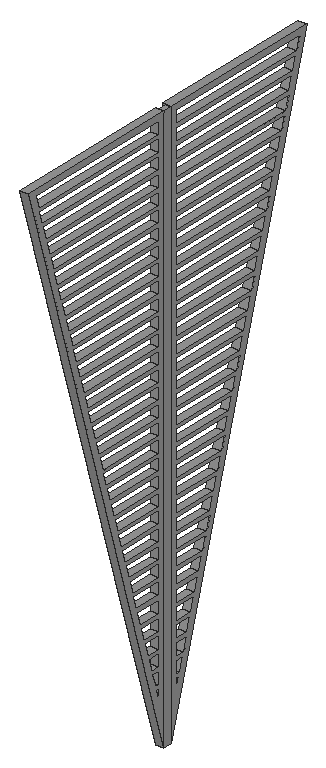
Revit family "MBS_shading panel1__down_0", category Generic Models, Revit 2014
Reference planes
  plane 1 "Center (Front/Back)": y = 0
  plane 2: z = 0
  plane 3 "Center (Left/Right)": x = 0
Dimensions and locks
  aligned and locked: level to plane 2
Nested families
  nested 1: "MBS_rounding mullion shading system1" at (100, -200, 0), type "MBS_rounding mullion shading system1"
    with rounding mullion height 2700 mm
  nested 2: "MBS_shading panel1" at (-240, -240, 0) x (-1, 0, 0) z (0, -1, 0), type "MBS_shading panel1"
    with shad panel thickness 40 mm, shad panel 1 void height 2700 mm
  nested 3: "MBS_shading panel1" at (560, -200, 0) x (1, 0, 0) z (0, 1, 0), type "MBS_shading panel1"
    with shad panel thickness 40 mm, shad panel 1 void height 2700 mm
Definition of nested family "MBS_rounding mullion shading system1"
  Parameters (values of type "MBS_rounding mullion shading system1")
    rounding mullion mater = Steel, Galvanized rounding mull
    rounding mullion height [instance] = 2700 mm
    Default Elevation = 1219.2 mm
  Reference planes
    plane 1 "Center (Front/Back)": y = 0
    plane 2: z = 0
    plane 3 "Center (Left/Right)": x = 0
  Forms (mm)
    Extrusion 1, solid
      sketch origin (0, 0, 0) x (1, 0, 0) y (0, 1, 0)
        loop
          line (-1219.2, 1219.2) -> (-1219.2, -1219.2) -> (1219.2, -1219.2) -> (1219.2, 1219.2) -> (-1219.2, 1219.2)
      from 0 to -304.8
    Extrusion 2, solid, material "Steel, Galvanized rounding mull" <- "rounding mullion mater"
      sketch origin (0, 0, 0) x (1, 0, 0) y (0, 1, 0)
        loop
          line (55, 0) -> (55, -40) -> (80, -40) -> (80, 0) -> (55, 0)
      from 0 to 2700 <- "rounding mullion height"
  Dimensions and locks
    aligned and locked: plane 2 to Extrusion 1
    aligned and locked: level to Extrusion 1
Definition of nested family "MBS_shading panel1"
  Parameters (values of type "MBS_shading panel1")
    shading panel mater = Oak, White shading panel
    shad panel thickness [instance] = 40 mm
    shad panel 1 void height [instance] = 2700 mm
    panel hole = 60 mm
    Default Elevation = 1219.2 mm
  Reference planes
    plane 1 "Center (Front/Back)": y = 0
    plane 2: z = 0
    plane 3 "Center (Left/Right)": x = 0
    plane 4: y = -281.851
    plane 5: y = -341.851
    plane 6: y = -356.851
    plane 7: y = -416.851
    plane 8: through (799.2, -206.851, 30) normal (0, -0.2841, -0.9588)
    plane 9: y = -431.851
    plane 10: y = -491.851
    plane 11: y = -506.851
    plane 12: y = -566.851
    plane 13: y = -581.851
    plane 14: y = -641.851
    plane 15: y = -661.851
    plane 16: y = -721.851
    plane 17: y = -736.851
    plane 18: y = -796.851
    plane 19: y = -811.851
    plane 20: y = -871.851
    plane 21: y = -886.851
    plane 22: y = -946.851
    plane 23: y = -961.851
    plane 24: y = -1021.851
    plane 25: y = -1036.851
    plane 26: y = -1096.851
    plane 27: y = -1111.851
    plane 28: y = -1171.851
    plane 29: y = -1186.851
    plane 30: y = -1246.851
    plane 31: y = -1261.851
    plane 32: y = -1321.851
    plane 33: y = -1336.851
    plane 34: y = -1396.851
    plane 35: y = -1411.851
    plane 36: y = -1471.851
    plane 37: y = -1486.851
    plane 38: y = -1546.851
    plane 39: y = -1561.851
    plane 40: y = -1621.851
    plane 41: y = -1636.851
    plane 42: y = -1696.851
    plane 43: y = -1711.851
    plane 44: y = -1771.851
    plane 45: y = -1786.851
    plane 46: y = -1846.851
    plane 47: y = -1861.851
    plane 48: y = -1921.851
    plane 49: y = -1936.851
    plane 50: y = -1996.851
    plane 51: y = -2011.851
    plane 52: y = -2071.851
    plane 53: y = -2086.851
    plane 54: y = -2146.851
    plane 55: y = -2161.851
    plane 56: y = -2221.851
    plane 57: y = -2236.851
    plane 58: y = -2296.851
    plane 59: y = -2311.851
    plane 60: y = -2371.851
    plane 61: y = -2386.851
    plane 62: y = -2446.851
    plane 63: y = -2521.851
    plane 64: y = -2461.851
    plane 65: y = -2536.851
    plane 66: y = -2596.851
    plane 67: y = -2611.851
    plane 68: y = -2671.851
  Forms (mm)
    Extrusion 1, solid
      sketch origin (0, 0, 0) x (1, 0, 0) y (0, 1, 0)
        loop
          line (-1219.2, 1219.2) -> (-1219.2, -1219.2) -> (1219.2, -1219.2) -> (1219.2, 1219.2) -> (-1219.2, 1219.2)
      from 0 to -304.8
    Extrusion 2, solid, material "Oak, White shading panel" <- "shading panel mater"
      sketch origin (-420, -1442.49, -227.833) x (0, 0, -1) y (0, 1, 0)
        loop
          line (-227.833, 1442.49) -> (-1027.833, -1257.51) -> (-227.833, -1257.51) -> (-227.833, 1442.49)
        loop
          line (-257.833, 1235.639) -> (-275.611, 1175.639) -> (-257.833, 1175.639) -> (-257.833, 1235.639)
        loop
          line (-257.833, 1160.639) -> (-280.056, 1160.639) -> (-297.833, 1100.639) -> (-257.833, 1100.639) -> (-257.833, 1160.639)
        loop
          line (-257.833, 1085.639) -> (-302.278, 1085.639) -> (-320.056, 1025.639) -> (-257.833, 1025.639) -> (-257.833, 1085.639)
        loop
          line (-257.833, 1010.639) -> (-324.5, 1010.639) -> (-342.278, 950.639) -> (-257.833, 950.639) -> (-257.833, 1010.639)
        loop
          line (-257.833, 860.639) -> (-368.944, 860.639) -> (-386.722, 800.639) -> (-257.833, 800.639) -> (-257.833, 860.639)
        loop
          line (-257.833, 935.639) -> (-346.722, 935.639) -> (-364.5, 875.639) -> (-257.833, 875.639) -> (-257.833, 935.639)
        loop
          line (-257.833, 780.639) -> (-392.648, 780.639) -> (-410.426, 720.639) -> (-257.833, 720.639) -> (-257.833, 780.639)
        loop
          line (-257.833, 705.639) -> (-414.87, 705.639) -> (-432.648, 645.639) -> (-257.833, 645.639) -> (-257.833, 705.639)
        loop
          line (-257.833, 630.639) -> (-437.093, 630.639) -> (-454.87, 570.639) -> (-257.833, 570.639) -> (-257.833, 630.639)
        loop
          line (-257.833, 555.639) -> (-459.315, 555.639) -> (-477.093, 495.639) -> (-257.833, 495.639) -> (-257.833, 555.639)
        loop
          line (-257.833, 480.639) -> (-481.537, 480.639) -> (-499.315, 420.639) -> (-257.833, 420.639) -> (-257.833, 480.639)
        loop
          line (-257.833, 405.639) -> (-503.759, 405.639) -> (-521.537, 345.639) -> (-257.833, 345.639) -> (-257.833, 405.639)
        loop
          line (-257.833, 330.639) -> (-525.982, 330.639) -> (-543.759, 270.639) -> (-257.833, 270.639) -> (-257.833, 330.639)
        loop
          line (-257.833, 255.639) -> (-548.204, 255.639) -> (-565.982, 195.639) -> (-257.833, 195.639) -> (-257.833, 255.639)
        loop
          line (-257.833, 180.639) -> (-570.426, 180.639) -> (-588.204, 120.639) -> (-257.833, 120.639) -> (-257.833, 180.639)
        loop
          line (-257.833, 105.639) -> (-592.648, 105.639) -> (-610.426, 45.639) -> (-257.833, 45.639) -> (-257.833, 105.639)
        loop
          line (-257.833, 30.639) -> (-614.87, 30.639) -> (-632.648, -29.361) -> (-257.833, -29.361) -> (-257.833, 30.639)
        loop
          line (-257.833, -44.361) -> (-637.093, -44.361) -> (-654.87, -104.361) -> (-257.833, -104.361) -> (-257.833, -44.361)
        loop
          line (-257.833, -119.361) -> (-659.315, -119.361) -> (-677.093, -179.361) -> (-257.833, -179.361) -> (-257.833, -119.361)
        loop
          line (-257.833, -194.361) -> (-681.537, -194.361) -> (-699.315, -254.361) -> (-257.833, -254.361) -> (-257.833, -194.361)
        loop
          line (-257.833, -269.361) -> (-703.759, -269.361) -> (-721.537, -329.361) -> (-257.833, -329.361) -> (-257.833, -269.361)
        loop
          line (-257.833, -344.361) -> (-725.982, -344.361) -> (-743.759, -404.361) -> (-257.833, -404.361) -> (-257.833, -344.361)
        loop
          line (-257.833, -419.361) -> (-748.204, -419.361) -> (-765.982, -479.361) -> (-257.833, -479.361) -> (-257.833, -419.361)
        loop
          line (-257.833, -494.361) -> (-770.426, -494.361) -> (-788.204, -554.361) -> (-257.833, -554.361) -> (-257.833, -494.361)
        loop
          line (-257.833, -569.361) -> (-792.648, -569.361) -> (-810.426, -629.361) -> (-257.833, -629.361) -> (-257.833, -569.361)
        loop
          line (-257.833, -644.361) -> (-814.87, -644.361) -> (-832.648, -704.361) -> (-257.833, -704.361) -> (-257.833, -644.361)
        loop
          line (-257.833, -719.361) -> (-837.093, -719.361) -> (-854.87, -779.361) -> (-257.833, -779.361) -> (-257.833, -719.361)
        loop
          line (-257.833, -794.361) -> (-859.315, -794.361) -> (-877.093, -854.361) -> (-257.833, -854.361) -> (-257.833, -794.361)
        loop
          line (-257.833, -869.361) -> (-881.537, -869.361) -> (-899.315, -929.361) -> (-257.833, -929.361) -> (-257.833, -869.361)
        loop
          line (-257.833, -944.361) -> (-903.759, -944.361) -> (-921.537, -1004.361) -> (-257.833, -1004.361) -> (-257.833, -944.361)
        loop
          line (-257.833, -1019.361) -> (-925.982, -1019.361) -> (-943.759, -1079.361) -> (-257.833, -1079.361) -> (-257.833, -1019.361)
        loop
          line (-257.833, -1094.361) -> (-948.204, -1094.361) -> (-965.982, -1154.361) -> (-257.833, -1154.361) -> (-257.833, -1094.361)
        loop
          line (-257.833, -1169.361) -> (-970.426, -1169.361) -> (-988.204, -1229.361) -> (-257.833, -1229.361) -> (-257.833, -1169.361)
      from 0 to 40 <- "shad panel thickness"
  Dimensions and locks
    "panel hole": plane 4 to plane 5
    "panel hole": plane 6 to plane 7
    "panel hole": plane 9 to plane 10
    "panel hole": plane 11 to plane 12
    "panel hole": plane 13 to plane 14
    "panel hole": plane 15 to plane 16
    "panel hole": plane 17 to plane 18
    "panel hole": plane 19 to plane 20
    "panel hole": plane 21 to plane 22
    "panel hole": plane 23 to plane 24
    "panel hole": plane 25 to plane 26
    "panel hole": plane 27 to plane 28
    "panel hole": plane 29 to plane 30
    "panel hole": plane 31 to plane 32
    "panel hole": plane 33 to plane 34
    "panel hole": plane 35 to plane 36
    "panel hole": plane 37 to plane 38
    "panel hole": plane 39 to plane 40
    "panel hole": plane 41 to plane 42
    "panel hole": plane 43 to plane 44
    "panel hole": plane 45 to plane 46
    "panel hole": plane 47 to plane 48
    "panel hole": plane 49 to plane 50
    "panel hole": plane 51 to plane 52
    "panel hole": plane 53 to plane 54
    "panel hole": plane 55 to plane 56
    "panel hole": plane 57 to plane 58
    "panel hole": plane 59 to plane 60
    "panel hole": plane 61 to plane 62
    "panel hole": plane 64 to plane 63
    "panel hole": plane 65 to plane 66
    "panel hole": plane 67 to plane 68
    aligned and locked: plane 2 to Extrusion 1
    aligned and locked: level to Extrusion 1
    aligned and locked: plane 4 to Extrusion 2 sketch curve
    aligned and locked: plane 5 to Extrusion 2 sketch curve
    aligned and locked: plane 6 to Extrusion 2 sketch curve
    aligned and locked: plane 7 to Extrusion 2 sketch curve
    aligned and locked: plane 8 to Extrusion 2 sketch curve  (x33)
    aligned and locked: plane 9 to Extrusion 2 sketch curve
    aligned and locked: plane 10 to Extrusion 2 sketch curve
    aligned and locked: plane 11 to Extrusion 2 sketch curve
    aligned and locked: plane 12 to Extrusion 2 sketch curve
    aligned and locked: plane 13 to Extrusion 2 sketch curve
    aligned and locked: plane 14 to Extrusion 2 sketch curve
    aligned and locked: plane 15 to Extrusion 2 sketch curve
    aligned and locked: plane 16 to Extrusion 2 sketch curve
    aligned and locked: plane 17 to Extrusion 2 sketch curve
    aligned and locked: plane 18 to Extrusion 2 sketch curve
    aligned and locked: plane 19 to Extrusion 2 sketch curve
    aligned and locked: plane 20 to Extrusion 2 sketch curve
    aligned and locked: plane 21 to Extrusion 2 sketch curve
    aligned and locked: plane 22 to Extrusion 2 sketch curve
    aligned and locked: plane 23 to Extrusion 2 sketch curve
    aligned and locked: plane 24 to Extrusion 2 sketch curve
    aligned and locked: plane 25 to Extrusion 2 sketch curve
    aligned and locked: plane 26 to Extrusion 2 sketch curve
    aligned and locked: plane 27 to Extrusion 2 sketch curve
    aligned and locked: plane 28 to Extrusion 2 sketch curve
    aligned and locked: plane 29 to Extrusion 2 sketch curve
    aligned and locked: plane 30 to Extrusion 2 sketch curve
    aligned and locked: plane 31 to Extrusion 2 sketch curve
    aligned and locked: plane 32 to Extrusion 2 sketch curve
    aligned and locked: plane 33 to Extrusion 2 sketch curve
    aligned and locked: plane 34 to Extrusion 2 sketch curve
    aligned and locked: plane 35 to Extrusion 2 sketch curve
    aligned and locked: plane 36 to Extrusion 2 sketch curve
    aligned and locked: plane 37 to Extrusion 2 sketch curve
    aligned and locked: plane 38 to Extrusion 2 sketch curve
    aligned and locked: plane 39 to Extrusion 2 sketch curve
    aligned and locked: plane 40 to Extrusion 2 sketch curve
    aligned and locked: plane 41 to Extrusion 2 sketch curve
    aligned and locked: plane 42 to Extrusion 2 sketch curve
    aligned and locked: plane 43 to Extrusion 2 sketch curve
    aligned and locked: plane 44 to Extrusion 2 sketch curve
    aligned and locked: plane 45 to Extrusion 2 sketch curve
    aligned and locked: plane 46 to Extrusion 2 sketch curve
    aligned and locked: plane 47 to Extrusion 2 sketch curve
    aligned and locked: plane 48 to Extrusion 2 sketch curve
    aligned and locked: plane 49 to Extrusion 2 sketch curve
    aligned and locked: plane 50 to Extrusion 2 sketch curve
    aligned and locked: plane 51 to Extrusion 2 sketch curve
    aligned and locked: plane 52 to Extrusion 2 sketch curve
    aligned and locked: plane 53 to Extrusion 2 sketch curve
    aligned and locked: plane 54 to Extrusion 2 sketch curve
    aligned and locked: plane 55 to Extrusion 2 sketch curve
    aligned and locked: plane 56 to Extrusion 2 sketch curve
    aligned and locked: plane 57 to Extrusion 2 sketch curve
    aligned and locked: plane 58 to Extrusion 2 sketch curve
    aligned and locked: plane 59 to Extrusion 2 sketch curve
    aligned and locked: plane 60 to Extrusion 2 sketch curve
    aligned and locked: plane 61 to Extrusion 2 sketch curve
    aligned and locked: plane 62 to Extrusion 2 sketch curve
    aligned and locked: plane 63 to Extrusion 2 sketch curve
    aligned and locked: plane 64 to Extrusion 2 sketch curve
    aligned and locked: plane 65 to Extrusion 2 sketch curve
    aligned and locked: plane 66 to Extrusion 2 sketch curve
    aligned and locked: plane 67 to Extrusion 2 sketch curve
    aligned and locked: plane 68 to Extrusion 2 sketch curve
  Automatic sketch dimensions
    Extrusion 1 sketch curve to Extrusion 1 sketch curve = 2438.4 mm  (x2)
    Extrusion 2 sketch curve to level = 0 mm
    Extrusion 2 sketch curve to plane 1 "Center (Front/Back)" = 0 mm
    Extrusion 2 sketch curve to plane 68 = 28.149 mm
    Extrusion 2 sketch curve to Extrusion 2 sketch curve = 39.63 mm
    plane 4 to Extrusion 2 sketch curve = 15 mm
    level to Extrusion 2 sketch curve = 30 mm  (x16)
    Extrusion 2 sketch curve to Extrusion 2 sketch curve = 0 mm  (x17)
